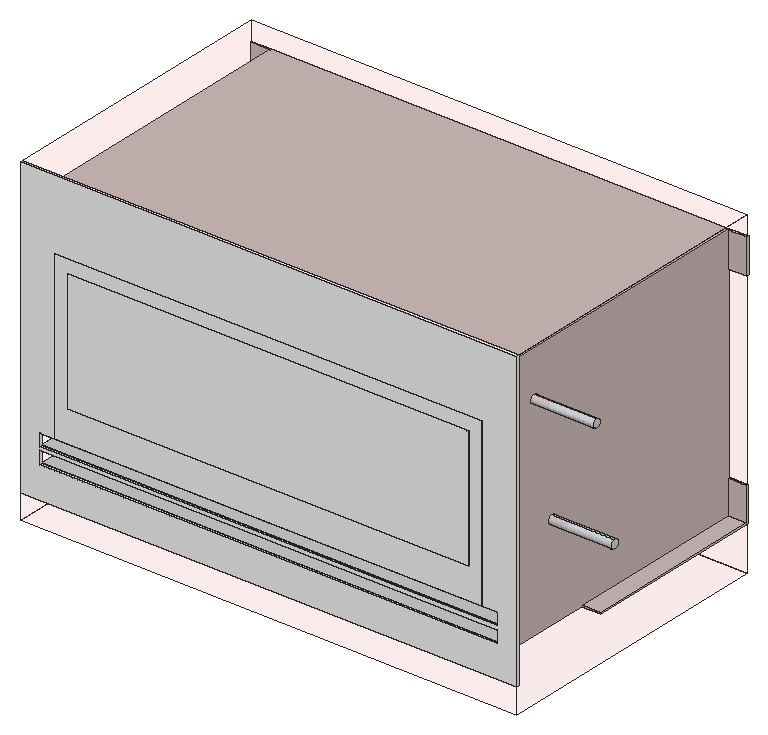
Revit family "Air-Curtain_Customer-Entry_PoweredAire_ECC-HW", category Mechanical Equipment, host Face, Revit 2023
Family settings
  Host = Face
  Round Connector Dimension = Use Diameter
  Part Type = Normal
  OmniClass Number = 23.75.35.17.21
  OmniClass Title = Air Curtains
  Cut with Voids When Loaded = No
  Maintain Annotation Orientation = No
  Shared = No
  Room Calculation Point = No
Parameters
  upperpiperotation [instance] = if(Upper Pipe Connection Side A, 0.00°, 180.00°)  # 0.00°
  lowerpiperotation [instance] = if(Lower Pipe Connection Side A, 0.00°, 180.00°)  # 0.00°
  locateupperpipe [instance] = if(Upper Pipe Connection Side A, 0' 0", Nozzle Width)  # 0' - 0"
  locatelowerpipe [instance] = if(Lower Pipe Connection Side A, 0' 0", Nozzle Width)  # 0' - 0"
  Warranty Duration (Years) = 0
  Upper Pipe Connection Side A [instance] = yes
  Unit Width Notes = "Other Widths available."  # constant formula
  Unit Width = 3' - 3"
  Unit Weight = 0
  Unit Height = 1' - 10 3/4"
  Unit Depth = 1' - 11 1/4"
  URL = "http://www.poweredaire.com/"
  Test Data = ""
  Standards Conformance = "as Specified"
  Specification = "http://www.arcat.com/sdspecs/htm04/23_34_33pai.htm"
  SpecWizard = ""
  Sound Pressure = "as Specified"
  Sales Information = "http://www.poweredaire.com/contact_us"
  Revision = "R1_2016-08"
  Projection from Host [instance] = 0' - 2"
  Product Properties = ""
  Product Data = "http://www.arcat.com/arcatcos/cos47/arc47623.html"
  Power Rating = 0 W
  Piping_Water Flow [instance] = 0 GPM
  Piping_Operating Pressure [instance] = 0.00 psi
  Piping_Exit Temperature [instance] = 0 °F
  Piping_Entry Temperature [instance] = 0 °F
  Pipe OD [instance] = 5/8"
  Nozzle Width = if(1 = 1, Unit Width - 0' 3", 0' 0")  # 3' - 0"
  Mounting Width = if(1 = 1, Unit Width - 0' 1 1/2", 0' 0")  # 3' - 1 1/2"
  Mounting Height [instance] = 3' - 6"
  Motor RPM = 0
  Motor HP = 0
  Motor Count = 0
  Model = "As Specified"
  Max Height = 0' - 0"
  Manufacturer Website = "http://www.poweredaire.com/"
  Manufacturer Phone - Toll Free = "888-321-2473"
  Manufacturer Phone = "724-588-3305"
  Manufacturer Fax = "724-588-3371"
  Manufacturer Address = "109 Mortensen Rd.  Greenville, PA 16125"
  Manufacturer = "Powered Aire, Inc"
  Maintenance Schedule (Months) = 0
  Lower Pipe Connection Side A [instance] = yes
  Keynote = "23 34 33"
  Installation-Fabrication = ""
  Installation Phase = ""
  Include Clearance [instance] = yes
  Heating Element Load = 0 W
  HVAC_Temperature Rise = 0 °F
  HVAC_Outlet Volume = 0 CFM
  HVAC_Outlet Velocity Uniformity = 0
  HVAC_Outlet Velocity = 0 FPM
  HVAC_BTU Input = 0.0 Btu/h
  Green Building-LEED = "http://www.arcat.com/green/clients/leed_data_47623.html"
  Front Grating Material [instance] = Metal - Steel - PoweredAire - White Perforated
  Frame Finish [instance] = Metal - Steel - PoweredAire - Stainless 304
  Expected Lifespan (Years) = 0
  Electrical_Wattage [instance] = Power Rating + Heating Element Load  # 0 W
  Electrical_Voltage [instance] = 0 V
  Electrical_Phase [instance] = 1
  Electrical_Frequency [instance] = 0 Hz
  Electrical_Amperage [instance] = 0 A
  Drawn By = "Sumex Design, Inc. / Robert S. Weygant, CSI, CDT, SCIP"
  Description = "Powered Aire Air Curtain as Specified"
  Default Elevation = 0' - 0"  # constant formula
  Cover Finish [instance] = Metal - Steel - PoweredAire - White
  Copyright = "©Arcat Inc."
  Construction Details = "http://www.arcat.com/details/powair/prod3336.html"
  Clearance_Top [instance] = 0' - 0"
  Clearance_Side B [instance] = 0' - 0"
  Clearance_Side A [instance] = 0' - 0"
  Clearance_Intake [instance] = 0' - 0"
  Clearance_Front [instance] = 0' - 0"
  Clearance Material [instance] = ARCAT Clearance
  Building Codes = ""
  Available Options [instance] = "as Specified"
  Assembly Code = "D3090400"
Reference planes (in)
  plane 1 "Center (Elevation)": y = 11.51318
  plane 2: z = 0
  plane 3 "Center (Left/Right)": x = 0
  plane 4: y = 22.88818
  plane 5: y = 0.13818
  plane 6: x = -19.5
  plane 7: x = 19.5
  plane 8: z = 25.25
  plane 9 "FF": y = -41.86182
  plane 10: z = 2
  plane 11: x = 18
  plane 12: x = -18
  plane 13: y = 22.88818
  plane 14: y = 0.13818
  plane 15: x = -19.5
  plane 16: x = 19.5
  plane 17: z = 25.25
  plane 18: y = 0.38818
  plane 19: x = 18
  plane 20: x = 18
  plane 21: z = 20.25
  plane 22: z = 11
Forms (in)
  Extrusion 1, solid, material "ARCAT Clearance" <- "Clearance Material", visible <- "Include Clearance"
    sketch origin (0, 0, 0) x (0, 1, 0) y (0, 0, 1)
      loop
        line (0.13818, 25.25) -> (0.13818, 0) -> (22.88818, 0) -> (22.88818, 25.25) -> (0.13818, 25.25)
    from -19.5 to 19.5
  Extrusion 2, solid, material "Metal - Steel - PoweredAire - White" <- "Cover Finish"
    sketch origin (0, 11.51318, 0) x (1, 0, 0) y (0, 0, 1)
      loop
        line (-19.5, 25.25) -> (-19.5, 2) -> (19.5, 2) -> (19.5, 25.25) -> (-19.5, 25.25)
    from 11.125 to 11.375
  Extrusion 3, solid, material "Metal - Steel - PoweredAire - Stainless 304" <- "Frame Finish"
    sketch origin (0, 11.51318, 0) x (1, 0, 0) y (0, 0, 1)
      loop
        line (18, 23.75) -> (-18, 23.75) -> (-18, 3.5) -> (18, 3.5) -> (18, 23.75)
    from -11.375 to 11.125
  Extrusion 4, void
    sketch origin (0, 0, 0) x (0, 1, 0) y (0, 0, 1)
      loop
        line (0.13818, 5.5) -> (0.13818, 4.5) -> (1.88818, 4.5) -> (1.88818, 6.75) -> (0.13818, 6.75) -> (0.13818, 5.75) -> (1.63818, 5.75) -> (1.63818, 5.5) -> (0.13818, 5.5)
    from -18 to 18
  Extrusion 5, solid, material "Metal - Steel - PoweredAire - White" <- "Cover Finish"
    sketch origin (-11.83813, 0.13818, 48) x (-1, 0, 0) y (0, 0, 1)
      loop
        line (4.91187, -41.25) -> (4.91187, -28.25) -> (-28.58813, -28.25) -> (-28.58813, -41.25) -> (4.91187, -41.25)
    from 0 to -0.03125
  Extrusion 6, solid, material "Metal - Steel - PoweredAire - White Perforated" <- "Front Grating Material"
    sketch origin (-11.83813, 0.10693, 48) x (1, 0, 0) y (0, 0, 1)
      loop
        line (-3.91187, -29.25) -> (-3.91187, -38.75) -> (27.58813, -38.75) -> (27.58813, -29.25) -> (-3.91187, -29.25)
    from 0 to 0.03125
  Extrusion 7, solid, material "Metal - Steel - PoweredAire - Stainless 304" <- "Frame Finish"
    sketch origin (-15.17702, -180, 2) x (-1, 0, 0) y (0, -1, 0)
      loop
        line (-33.17702, -202.88818) -> (-33.17702, -188.38818) -> (-34.67702, -188.38818) -> (-34.67702, -202.88818) -> (-33.17702, -202.88818)
      loop
        line (2.82298, -202.88818) -> (4.32298, -202.88818) -> (4.32298, -188.38818) -> (2.82298, -188.38818) -> (2.82298, -202.88818)
    from 1.5 to 1.625
  Extrusion 8, solid, material "Metal - Steel - PoweredAire - Stainless 304" <- "Frame Finish"
    sketch origin (-11.83813, 22.88818, 48) x (-1, 0, 0) y (0, 0, 1)
      loop
        line (7.66187, -44.5) -> (7.66187, -41.75) -> (6.16187, -41.75) -> (6.16187, -44.5) -> (7.66187, -44.5)
      loop
        line (-31.33813, -44.5) -> (-29.83813, -44.5) -> (-29.83813, -41.75) -> (-31.33813, -41.75) -> (-31.33813, -44.5)
      loop
        line (7.66187, -27) -> (7.66187, -24.25) -> (6.16187, -24.25) -> (6.16187, -27) -> (7.66187, -27)
      loop
        line (-31.33813, -27) -> (-29.83813, -27) -> (-29.83813, -24.25) -> (-31.33813, -24.25) -> (-31.33813, -27)
    from 0 to -0.125
  Sweep 9, solid
    path origin (18, 11.51318, 20.25) x (1, 0, 0) y (0, 0, 1)
      loop
        line (0, 0) -> (5, 0)
    profile origin (20.5, 11.51318, 20.25) x (0, 0, 1) y (0, -1, 0)
      loop
        circle (0, 7.875) r 0.3125
  Sweep 10, solid
    path origin (18, 11.51318, 11) x (1, 0, 0) y (0, 0, 1)
      loop
        line (0, 0) -> (5, 0)
    profile origin (20.5, 11.51318, 11) x (0, 0, 1) y (0, -1, 0)
      loop
        circle (0, 6.125) r 0.3125
Cuts and joins
  Extrusion 4 cuts Extrusion 1
  Extrusion 4 cuts Extrusion 2
  Extrusion 4 cuts Extrusion 3
Lines and regions (in)
  reference lines
    curve 1: line (18, 11.51318, 20.25) -> (25.75, 11.51318, 20.25)
    curve 2: line (18, 11.51318, 11) -> (26.25, 11.51318, 11)
Dimensions and locks (in)
  equal spacing: plane 4, plane 1 "Center (Elevation)", plane 5
  "Unit Height": plane 4 to plane 5
  equal spacing: plane 6, plane 3 "Center (Left/Right)", plane 7
  "Unit Width": plane 6 to plane 7
  "Mounting Height": plane 5 to plane 9 "FF"
  "Projection from Host": plane 10 to level
  "Unit Depth": plane 8 to plane 10
  locked: plane 6 to plane 12 at 1.5
  locked: plane 11 to plane 7 at 1.5
  "Clearance_Side A": plane 7 to plane 16
  "Clearance_Side B": plane 15 to plane 6
  "Clearance_Top": plane 13 to plane 4
  "Clearance_Intake": plane 5 to plane 14
  "Clearance_Front": plane 17 to plane 8
  locked: plane 8 to Extrusion 3 sketch curve at 1.5
  locked: Extrusion 3 sketch curve to plane 10 at 1.5
  locked: plane 7 to Extrusion 3 sketch curve at 1.5
  locked: Extrusion 3 sketch curve to plane 6 at 1.5
  locked: plane 18 to plane 5 at 0.25
  Extrusion 4 sketch curve to Extrusion 4 sketch curve to Extrusion 4 sketch curve to Extrusion 4 sketch curve to plane 10 = 0' - 1" locked, 0' - 0 1/4" locked, 0' - 1" locked, 0' - 2 1/2" locked
  Extrusion 5 sketch curve to Extrusion 5 sketch curve to plane 10 = 1' - 1" locked, 0' - 4 3/4" locked
  locked: plane 11 to Extrusion 5 sketch curve at 1.25
  locked: Extrusion 5 sketch curve to plane 12 at 1.25
  Extrusion 6 sketch curve to Extrusion 6 sketch curve to plane 10 = 0' - 9 1/2" locked, 0' - 7 1/4" locked
  locked: Extrusion 6 sketch curve to plane 12 at 2.25
  locked: plane 11 to Extrusion 6 sketch curve at 2.25
  locked: plane 4 to Extrusion 7 sketch curve at 14.5  (x2)
  Extrusion 8 sketch curve to Extrusion 8 sketch curve to Extrusion 8 sketch curve to Extrusion 8 sketch curve to plane 10 = 0' - 2 3/4" locked, 1' - 2 3/4" locked, 0' - 2 3/4" locked, 0' - 1 1/2" locked  (x2)
  "locatelowerpipe": plane 19 to plane 11
  "locateupperpipe": plane 20 to plane 11
  locked: plane 8 to plane 21 at 5
  locked: plane 22 to plane 10 at 9
  locked: curve 1 to Sweep 9 sketch curve at 5
  locked: curve 1 to Sweep 9 sketch curve
  locked: curve 2 to Sweep 10 sketch curve at 5
  locked: curve 2 to Sweep 10 sketch curve
  locked: plane 5 to Sweep 9 sketch curve at 3.5
  locked: plane 5 to Sweep 10 sketch curve at 5.25
  "lowerpiperotation": angle plane 21 to curve 1
  "upperpiperotation": angle plane 22 to curve 2
  aligned and locked: plane 2 to host face
  aligned and locked: level to host face
  aligned and locked: Extrusion 1 sketch curve to plane 17
  aligned and locked: plane 14 to Extrusion 1 sketch curve
  aligned and locked: level to Extrusion 1 sketch curve
  aligned and locked: Extrusion 1 sketch curve to plane 13
  aligned and locked: plane 16 to Extrusion 1
  aligned and locked: Extrusion 1 to plane 15
  aligned and locked: Extrusion 2 sketch curve to plane 8
  aligned and locked: plane 6 to Extrusion 2 sketch curve
  aligned and locked: Extrusion 2 sketch curve to plane 10
  aligned and locked: Extrusion 2 sketch curve to plane 7
  aligned and locked: Extrusion 3 to plane 4
  aligned and locked: Extrusion 3 to plane 18
  aligned and locked: Extrusion 2 to plane 18
  aligned and locked: Extrusion 2 to plane 5
  aligned and locked: plane 11 to Extrusion 4
  aligned and locked: Extrusion 4 to plane 12
  aligned and locked: Extrusion 7 sketch curve to plane 4  (x2)
  aligned and locked: plane 20 to curve 2
  aligned and locked: plane 22 to curve 2
  aligned and locked: plane 19 to curve 1
  aligned and locked: plane 21 to curve 1
Automatic sketch dimensions
  host sketch curve to host sketch curve = 8' - 0"  (x2)
  Extrusion 4 sketch curve to plane 5 = 0' - 0"  (x2)
  plane 18 to Extrusion 4 sketch curve = 0' - 1 1/4"
  Extrusion 4 sketch curve to Extrusion 4 sketch curve = 0' - 0 1/4"
  Extrusion 7 sketch curve to plane 7 = 0' - 0"
  Extrusion 7 sketch curve to plane 11 = 0' - 0"
  Extrusion 7 sketch curve to plane 12 = 0' - 0"
  Extrusion 7 sketch curve to plane 6 = 0' - 0"
  Extrusion 8 sketch curve to plane 7 = 0' - 0"  (x2)
  Extrusion 8 sketch curve to plane 11 = 0' - 0"  (x2)
  Extrusion 8 sketch curve to plane 12 = 0' - 0"  (x2)
  Extrusion 8 sketch curve to plane 6 = 0' - 0"  (x2)
  profile plane to Sweep 9 sketch curve = 0' - 0"
  profile plane to Sweep 10 sketch curve = 0' - 0"
  radius of Sweep 9 sketch curve = 0' - 0 5/16"
  radius of Sweep 10 sketch curve = 0' - 0 5/16"
Connectors (in)
  electrical at (-18, 6.38818, 9.625), driven by "Electrical_Voltage", driven by "Electrical_Phase"
    settings: on cut or joined group of Extrusion 3, Extrusion 4, index 1, voltage 0 V, apparent load 0 VA, apparent load phase1 0 VA, apparent load phase2 0 VA, apparent load phase3 0 VA, power factor 1, load classification "Other", number of poles 1, system type 31, power factor state 1, is connector primary yes, connector utility no, sub classification motor no, connector description ""
  piping at (23, 3.63818, 20.25), diameter 0.625, driven by "Pipe OD"
    settings: on Sweep 9, index 2, connector inside diameter 24", connector length 0' - 0", flow factor 0, pipe flow 0 GPM, pressure drop 0.00 psi, fitting loss kfactor 0, connector angle 0.00°, fixture units 0, engagement length 0' - 0", angle of deflection 0.00°, flow configuration 0, flow direction 0, fitting loss method 0, system type 29, joint type 0, gender type 0, connector reference index -1, connector utility 0, adjustable connector no, is connector primary no, connector description "Define Supply or Return and Location"
  piping at (23, 5.38818, 11), diameter 0.625, driven by "Pipe OD"
    settings: on Sweep 10, index 3, connector inside diameter 24", connector length 0' - 0", flow factor 0, pipe flow 0 GPM, pressure drop 0.00 psi, fitting loss kfactor 0, connector angle 0.00°, fixture units 0, engagement length 0' - 0", angle of deflection 0.00°, flow configuration 0, flow direction 0, fitting loss method 0, system type 29, joint type 0, gender type 0, connector reference index -1, connector utility 0, adjustable connector no, is connector primary yes, connector description "Define Supply or Return and Location"
